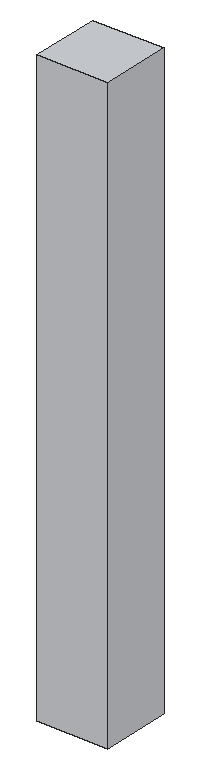
Revit family
Parameters (values of type "457 x 475mm")
  Depth = 475 mm
  Material = none
  Offset Base = 0 mm
  Offset Top = 0 mm
  Width = 475 mm
Types (3, lengths in mm): name | Depth | Width
  475 x 610mm | 475 | 610
  610 x 610mm | 610 | 610
  457 x 475mm | 475 | 475
Reference planes
  plane 1: y = 0
  plane 2: z = 0
  plane 3: x = 0
  plane 4: z = 4000
  plane 5: z = 0
  plane 6: x = -237.5
  plane 7: x = 237.5
  plane 8: y = -237.5
  plane 9: y = 237.5
Forms (mm)
  Extrusion 1, solid, material <- "Material"
    sketch origin (0, 0, 0) x (1, 0, 0) y (0, 1, 0)
      loop
        line (-237.5, 237.5) -> (-237.5, -237.5) -> (237.5, -237.5) -> (237.5, 237.5) -> (-237.5, 237.5)
    from 0 to 4000
Dimensions and locks
  "Offset Base": plane 5 to level
  "Offset Top": level to plane 4
  equal spacing: plane 6, plane 3, plane 7
  "Width": plane 6 to plane 7
  equal spacing: plane 8, plane 1, plane 9
  "Depth": plane 8 to plane 9
  aligned and locked: plane 4 to Extrusion 1
  aligned and locked: Extrusion 1 to plane 5
Automatic sketch dimensions
  Extrusion 1 sketch curve to plane 6 = 0 mm
  Extrusion 1 sketch curve to plane 7 = 0 mm
  Extrusion 1 sketch curve to plane 8 = 0 mm
  Extrusion 1 sketch curve to plane 9 = 0 mm
